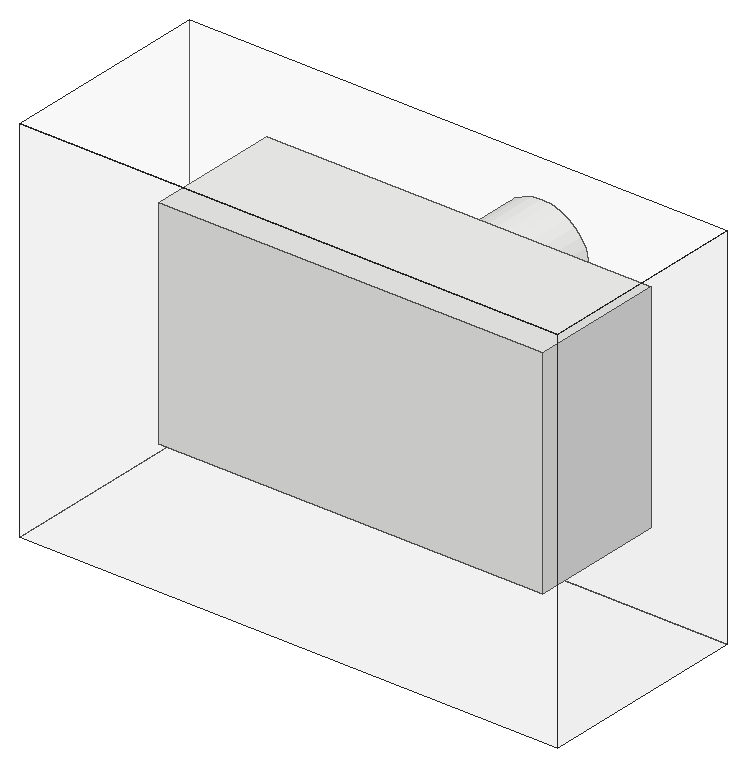
Revit family "v-241bk5-rn_60Hz", category 機械設備, Revit 2019
Family settings
  丸型コネクタ寸法 = 直径を使用
  パーツ タイプ = 標準
  OmniClass 番号 = 23.75.35.17.27
  OmniClass タイトル = Centrifugal Fans
  作業面ベース = いいえ
  常に垂直 = はい
  ロード時にボイドで切り取り = いいえ
  共有 = いいえ
  部屋計算ポイント = いいえ
Parameters (values of type "V-241BK5-RN")
  騒音レベル(dB(A)) [instance] = 48
  風量 [instance] = 195.0 m³/h
  電源種別 [instance] = ""
  電圧 = 200 V
  電動機出力 = 0 W
  電動機_種別 [instance] = ""
  運転質量 = 0.00 kg
  連動 [instance] = ""
  質量 = if(製品質量 > 運転質量, 製品質量, 運転質量) * 1.2  # 10.80 kg
  負荷分類 = 3_ファン類
  説明 = "バス乾燥・暖房・換気システム リニューアルバスカラット"
  設計風量 [instance] = 0.0 m³/h
  設置方法 = "壁付"
  記号 [instance] = ""
  製造元 = "三菱電機株式会社"
  製品質量 = 9.00 kg
  製品出荷対象 = "国内"
  製品リリース年月 = "2022年6月1日"
  製品グループ = ""
  系統 [instance] = ""
  符号 [instance] = if(☑給気／□排気, "FS", "FE")  # "FE"
  積算_科目 = "2 換気設備"
  積算_拾い区分 [instance] = ""
  相 = 1
  盤記号 [instance] = ""
  発停方法 [instance] = ""
  特殊仕様 [instance] = ""
  メンテナンススペース = yes
  火災停止 [instance] = ""
  消費電力 = 2190 W
  法定耐用年数 = "10"
  機外静圧 [instance] = 0.0 Pa
  極数 = 3
  材質 [instance] = ""
  操作・制御方式 = ""
  操作・制御スイッチ = ""
  排気量 [instance] = if(☑給気／□排気, 0.0 m³/h, 設計風量)  # 0.0 m³/h
  形式 = ""
  幹線記号 [instance] = ""
  対象室 [instance] = ""
  実風量 [instance] = 0.0 m³/h
  始動方式 [instance] = "直入"
  外気量 [instance] = if(☑給気／□排気, 設計風量, 0.0 m³/h)  # 0.0 m³/h
  呼称 = ""
  周波数 = 60 Hz
  参照している仕様書等のバージョン = ""
  分類コード = "50052503100080"
  分類グループ = ""
  価格 = 166500
  企業コード = "108420"
  付属品_防振装置 = ""
  付属品 [instance] = ""
  仕様書バージョン = "Version1.0"
  モデル = "V-241BK5-RN"
  マテリアル = 合成樹脂(白)
  ファンの種類 = ""
  コメント [instance] = ""
  Keynote = ""
  ☑給気／□排気 [instance] = no
  Width = 498 mm
  W1 = 122 mm
  Version = ""
  Uniclass2015Version = "Systems v1.9"
  Uniclass2015Title = "Centrifugal fans"
  Uniclass2015Code = "Pr_65_67_29_12"
  URL = "https://www.mitsubishielectric.co.jp/ldg/wink/ssl/displayProduct.do?pid=320488"
  SpecificationReference = ""
  SpecificationDescription = ""
  Revision = ""
  ProductInformation = ""
  OmniClassCode = "23-33 31 19 11 15"
  MIN風量 = 100.0 m³/h
  MIN静圧 = 0.0 Pa
  MID風量 = 195.0 m³/h
  MID静圧 = 0.0 Pa
  MAX風量 = 195.0 m³/h
  MAX静圧 = 0.0 Pa
  IfcTypeProduct = ""
  IfcProduct = ""
  IfcExportType = "PROPELLORAXIAL"
  IfcExportAs = "IfcFanType"
  Height = 280 mm
  H1 = 106 mm
  Depth = 175 mm
  D1 = 135 mm
  Clearance Top = 100 mm
  Clearance Right = 100 mm
  Clearance Left = 100 mm
  Clearance Front = 100 mm
  Clearance Bottom = 100 mm
  Clearance Back = 0 mm
  Author = "三菱電機株式会社"
Reference planes
  plane 1 "中心(正面/背面)": y = 0
  plane 2: z = 0
  plane 3 "中心(左/右)": x = 0
  plane 4: x = 349
  plane 5: y = 0
  plane 6: y = -275
  plane 7: x = -249
  plane 8: x = 249
  plane 9: y = 135
  plane 10: y = -175
  plane 11: z = 206
  plane 12: z = -174
  plane 13: x = -349
  plane 14: z = -274
  plane 15: y = -87.5
  plane 16: z = 106
Forms (mm)
  Extrusion 1, solid, material "合成樹脂(白)" <- "マテリアル", detail levels fine
    sketch origin (0, 0, 0) x (1, 0, 0) y (0, 1, 0)
      loop
        line (-249, 0) -> (-249, -175) -> (249, -175) -> (249, 0) -> (-249, 0)
    from -174 to 106
  Extrusion 2, solid, material "合成樹脂(白)" <- "マテリアル", detail levels fine
    sketch origin (0, 0, 0) x (1, 0, 0) y (0, 0, 1)
      loop
        circle (0, 0) r 61
    from -135 to 0
Dimensions and locks
  equal spacing: plane 7, plane 3 "中心(左/右)", plane 8
  "Width": plane 7 to plane 8
  "Clearance Left": plane 13 to plane 7
  "Depth": plane 1 "中心(正面/背面)" to plane 10
  "Clearance Front": plane 10 to plane 6
  "Clearance Back": plane 5 to plane 1 "中心(正面/背面)"
  "Clearance Right": plane 8 to plane 4
  "Clearance Bottom": plane 12 to plane 14
  equal spacing: plane 1 "中心(正面/背面)", plane 15, plane 10
  "H1": plane 16 to level
  "Height": plane 16 to plane 12
  "Clearance Top": plane 11 to plane 16
  "D1": plane 1 "中心(正面/背面)" to plane 9
  "W1": diameter of Extrusion 2 sketch curve
  aligned and locked: level to plane 2
  aligned and locked: plane 8 to Extrusion 1
  aligned and locked: Extrusion 1 to plane 10
  aligned and locked: Extrusion 1 to plane 7
  aligned and locked: Extrusion 1 to plane 12
  aligned and locked: Extrusion 1 to plane 1 "中心(正面/背面)"
  aligned and locked: plane 3 "中心(左/右)" to nested 1
  aligned and locked: nested 1 to plane 15
  aligned and locked: plane 16 to Extrusion 1
  aligned and locked: plane 9 to Extrusion 2
  aligned and locked: plane 1 "中心(正面/背面)" to Extrusion 2
  aligned and locked: nested 2 to plane 6
  aligned and locked: nested 2 to plane 5
  aligned and locked: plane 13 to nested 2
  aligned and locked: plane 4 to nested 2
  aligned and locked: plane 14 to nested 2
  aligned and locked: plane 11 to nested 2
Automatic sketch dimensions
  Extrusion 1 sketch curve to plane 3 "中心(左/右)" = 249 mm
  plane 3 "中心(左/右)" to Extrusion 1 sketch curve = 249 mm
  plane 1 "中心(正面/背面)" to Extrusion 1 sketch curve = 175 mm
  Extrusion 1 sketch curve to plane 1 "中心(正面/背面)" = 0 mm
  Extrusion 2 sketch curve to level = 0 mm
  Extrusion 2 sketch curve to plane 3 "中心(左/右)" = 0 mm
Nested families
  nested 1: "記号_天井換気扇_平面" at (0, -87.5, 0), type "記号_天井換気扇_平面", detail levels coarse+medium
  nested 2: "メンテナンススペース" at (0, -137.5, -34), visible <- "メンテナンススペース", type "メンテナンススペース"
    with Width 698 mm, Height 480 mm, Depth 275 mm
Connectors
  electrical at (0, 0, -34), driven by "極数", driven by "電圧", driven by "消費電力"
    settings: on Extrusion 1, index 1, voltage 200 V, apparent load 2190 VA, apparent load phase1 0 VA, apparent load phase2 0 VA, apparent load phase3 0 VA, power factor 1, load classification "その他", number of poles 3, system type 30, power factor state 1, is connector primary yes, connector utility no, sub classification motor no, connector description ""
Definition of nested family "メンテナンススペース"
  Parameters (values of type "メンテナンススペース")
    Width [instance] = 500 mm
    Height [instance] = 500 mm
    Depth [instance] = 500 mm
  Reference planes
    plane 1 "中心(正面/背面)": y = 0
    plane 2: z = 0
    plane 3 "中心(左/右)": x = 0
    plane 4: y = -250
    plane 5: x = 250
    plane 6: y = 250
    plane 7: x = -250
    plane 8: z = 250
    plane 9: z = -250
  Forms (mm)
    Extrusion 1, solid
      sketch origin (-638.939, 0, 72.39) x (1, 0, 0) y (0, 1, 0)
        loop
          line (388.939, 250) -> (388.939, -250) -> (888.939, -250) -> (888.939, 250) -> (388.939, 250)
      from -322.39 to 177.61
  Lines and regions (mm)
    symbolic lines
      curve 1: line (-250, 0, 250) -> (250, 0, 250)
      curve 2: line (-250, 0, -250) -> (-250, 0, 250)
      curve 3: line (250, 0, -250) -> (-250, 0, -250)
      curve 4: line (250, 0, 250) -> (250, 0, -250)
      curve 5: line (0, -250, 250) -> (0, 250, 250)
      curve 6: line (0, -250, -250) -> (0, -250, 250)
      curve 7: line (0, 250, -250) -> (0, -250, -250)
      curve 8: line (0, 250, 250) -> (0, 250, -250)
      curve 9: line (-250, 250, 0) -> (250, 250, 0)
      curve 10: line (-250, -250, 0) -> (-250, 250, 0)
      curve 11: line (250, -250, 0) -> (-250, -250, 0)
      curve 12: line (250, 250, 0) -> (250, -250, 0)
  Dimensions and locks
    equal spacing: plane 7, plane 3 "中心(左/右)", plane 5
    equal spacing: plane 4, plane 1 "中心(正面/背面)", plane 6
    "Depth": plane 4 to plane 6
    "Width": plane 7 to plane 5
    equal spacing: plane 8, plane 2, plane 9
    "Height": plane 8 to plane 9
    aligned and locked: plane 9 to curve 3
    aligned and locked: plane 7 to curve 2
    aligned and locked: curve 4 to plane 5
    aligned and locked: plane 5 to Extrusion 1
    aligned and locked: Extrusion 1 to plane 7
    aligned and locked: Extrusion 1 to plane 9
    aligned and locked: plane 8 to Extrusion 1
    aligned and locked: plane 9 to curve 7
  Automatic sketch dimensions
    plane 4 to Extrusion 1 sketch curve = 0 mm
    Extrusion 1 sketch curve to plane 7 = 0 mm
    Extrusion 1 sketch curve to plane 5 = 0 mm
    plane 6 to Extrusion 1 sketch curve = 0 mm
    curve 2 to plane 8 = 0 mm
    plane 4 to curve 11 = 0 mm
    curve 11 to plane 7 = 0 mm
    curve 11 to plane 5 = 0 mm
    plane 6 to curve 10 = 0 mm
    curve 7 to plane 4 = 0 mm
    curve 7 to plane 6 = 0 mm
    curve 6 to plane 8 = 0 mm
Definition of nested family "記号_天井換気扇_平面"
  Reference planes
    plane 1: y = 0
    plane 2: x = 0
  Lines and regions (mm)
    detail lines
      curve 1: line (-2.5, 2.5, 0) -> (2.5, 2.5, 0)
      curve 2: line (-2.5, -2.5, 0) -> (-2.5, 2.5, 0)
      curve 3: line (2.5, -2.5, 0) -> (-2.5, -2.5, 0)
      curve 4: line (2.5, 2.5, 0) -> (2.5, -2.5, 0)
      curve 5: circle (-1.04, -1.04, 0) r 1.46 normal (0, 0, 1)
      curve 6: circle (1.04, 1.04, 0) r 1.46 normal (0, 0, 1)
      curve 7: line (-3.125, 3.125, 0) -> (3.125, 3.125, 0)
      curve 8: line (-3.125, -3.125, 0) -> (-3.125, 3.125, 0)
      curve 9: line (3.125, -3.125, 0) -> (-3.125, -3.125, 0)
      curve 10: line (3.125, 3.125, 0) -> (3.125, -3.125, 0)
      curve 11: circle (1.295, 1.295, 0) r 1.83 normal (0, 0, 1)
      curve 12: circle (-1.295, -1.295, 0) r 1.83 normal (0, 0, 1)
      curve 13: line (-2, 2, 0) -> (2, 2, 0)
      curve 14: line (-2, -2, 0) -> (-2, 2, 0)
      curve 15: line (2, -2, 0) -> (-2, -2, 0)
      curve 16: line (2, 2, 0) -> (2, -2, 0)
      curve 17: circle (0.84, 0.84, 0) r 1.16 normal (0, 0, 1)
      curve 18: circle (-0.84, -0.84, 0) r 1.2 normal (0, 0, 1)
